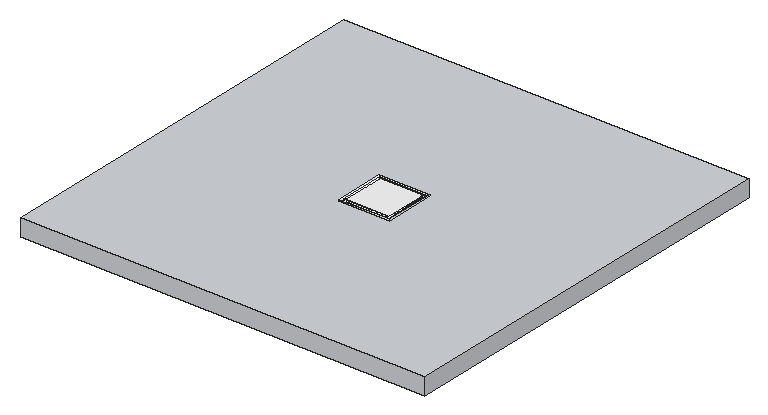
Revit family
Parameters (values of type "2"")
  WFU = 0
  URL = "WWW.MIFAB.COM"
  Pipe Radius = Pipe Diameter / 2  # 1.000"
  Pipe Diameter = 2.000"
  Model = "FS1742"
  Manufacturer = "MIFAB"  # constant formula
  Grate Width = 12.000"
  Grate Length = 12.000"
  Floor Sink Material = Coated – Acid Resistant – Porcelain Enamel - White
  Description = "12 x 12 x 10 DEEP FLOOR SINK"  # constant formula
  Default Elevation = 0.000"
  Body Height = 11.300"
Types (4): name | Pipe Radius | Pipe Diameter | Model
  (no name) | 1.000" | 2.000" | "FS1742"
  3" | 1.500" | 3.000" | "FS1743"
  4" | 2.000" | 4.000" | "FS1744"
  2" | 1.000" | 2.000" | "FS1742"
Reference planes
  plane 1 "Center (Front/Back)": y = 0
  plane 2: z = 0
  plane 3 "Center (Left/Right)": x = 0
  plane 4: z = -279.4
  plane 5: x = -113.898
  plane 6: x = -152.4
  plane 7: x = 152.4
  plane 8: z = 7.62
  plane 9: y = 152.4
  plane 10: y = -152.4
  plane 11: x = -79.369
  plane 12: x = 79.369
  plane 13: x = -135.89
  plane 14: x = 135.89
  plane 15: y = 135.89
  plane 16: y = -135.89
  plane 17: x = -25.4
  plane 18: x = 25.4
  plane 19: z = -246.38
  plane 20: z = -254
  plane 21: z = -81.28
  plane 22: z = -176.53
  plane 23: z = -236.22
Forms (mm)
  Extrusion 1, solid
    sketch origin (0, 0, 0) x (1, 0, 0) y (0, 1, 0)
      loop
        line (-1219.2, 1219.2) -> (-1219.2, -1219.2) -> (1219.2, -1219.2) -> (1219.2, 1219.2) -> (-1219.2, 1219.2)
    from 0 to -101.6
  Extrusion 2, solid, material "Coated – Acid Resistant – Porcelain Enamel - White" <- "Floor Sink Material"
    sketch origin (0, 0, 0) x (1, 0, 0) y (0, 1, 0)
      loop
        line (-146.05, 146.05) -> (-146.05, -146.05) -> (146.05, -146.05) -> (146.05, 146.05) -> (-146.05, 146.05)
    from 0 to 7.62
  Sweep 3, solid, material "Coated – Acid Resistant – Porcelain Enamel - White" <- "Floor Sink Material"
    path origin (0, 0, 0) x (1, 0, 0) y (0, 1, 0)
      loop
        line (-152.4, 152.4) -> (-152.4, -152.4) -> (152.4, -152.4) -> (152.4, 152.4) -> (-152.4, 152.4)
    profile origin (-152.4, 0, 0) x (1, 0, 0) y (0, 0, 1)
      loop
        line (0, 7.62) -> (0, 0) -> (17.78, 0)
        arc (17.78, 0) -> (26.76, -3.72) -> (30.48, -12.7) r 12.7
        line (30.48, -12.7) -> (30.48, -241.3)
        arc (30.48, -241.3) -> (33.772, -249.831) -> (41.91, -254) r 12.823
        line (41.91, -254) -> (92.715, -254) -> (92.715, -246.38) -> (43.18, -246.38)
        arc (43.18, -246.38) -> (39.588, -244.892) -> (38.1, -241.3) r 5.08
        line (38.1, -241.3) -> (38.1, -12.7)
        arc (38.1, -12.7) -> (32.148, 1.668) -> (17.78, 7.62) r 20.32
        line (17.78, 7.62) -> (0, 7.62)
  Revolve 4, solid, material "Coated – Acid Resistant – Porcelain Enamel - White" <- "Floor Sink Material"
    sketch origin (0, 0, 0) x (1, 0, 0) y (0, 0, 1)
      loop
        line (-30.48, -257.048) -> (-30.48, -279.4) -> (-25.4, -279.4) -> (-25.4, -251.46)
        arc (-25.4, -251.46) -> (-26.888, -247.868) -> (-30.48, -246.38) r 5.08
        line (-30.48, -246.38) -> (-59.685, -246.38)
        arc (-59.685, -246.38) -> (-41.317, -205.821) -> (0, -189.23) r 59.741
        line (0, -189.23) -> (0, -182.88)
        arc (0, -182.88) -> (-45.808, -201.33) -> (-66.04, -246.38) r 66.091
        line (-66.04, -246.38) -> (-99.212, -246.38) -> (-99.212, -254) -> (-33.528, -254)
        arc (-33.528, -254) -> (-31.373, -254.893) -> (-30.48, -257.048) r 3.048
      axis (0, -182.88) -> (0, -279.4)
    angle from 0 to 360
  Extrusion 5, void
    sketch origin (25.4, 0, 0) x (1, 0, 0) y (0, 1, 0)
      loop
        arc (-78.216, 1.966) -> (-80.182, 0) -> (-78.216, -1.966) r 1.966
        line (-78.216, -1.966) -> (-42.1, -1.966)
        arc (-42.1, -1.966) -> (-40.134, 0) -> (-42.1, 1.966) r 1.966
        line (-42.1, 1.966) -> (-78.216, 1.966)
    from -236.22 to -176.53
  Extrusion 6, void
    sketch origin (20.549, -14.93, 0) x (0.809017, -0.587785, 0) y (0.587785, 0.809017, 0)
      loop
        arc (-78.216, 1.966) -> (-80.182, 0) -> (-78.216, -1.966) r 1.966
        line (-78.216, -1.966) -> (-42.1, -1.966)
        arc (-42.1, -1.966) -> (-40.134, 0) -> (-42.1, 1.966) r 1.966
        line (-42.1, 1.966) -> (-78.216, 1.966)
    from -236.22 to -176.53
  Extrusion 7, void
    sketch origin (20.549, 14.93, 0) x (0.809017, 0.587785, 0) y (-0.587785, 0.809017, 0)
      loop
        arc (-78.216, 1.966) -> (-80.182, 0) -> (-78.216, -1.966) r 1.966
        line (-78.216, -1.966) -> (-42.1, -1.966)
        arc (-42.1, -1.966) -> (-40.134, 0) -> (-42.1, 1.966) r 1.966
        line (-42.1, 1.966) -> (-78.216, 1.966)
    from -236.22 to -176.53
  Extrusion 8, void
    sketch origin (7.849, 24.157, 0) x (0.309017, 0.951057, 0) y (-0.951057, 0.309017, 0)
      loop
        arc (-78.216, 1.966) -> (-80.182, 0) -> (-78.216, -1.966) r 1.966
        line (-78.216, -1.966) -> (-42.1, -1.966)
        arc (-42.1, -1.966) -> (-40.134, 0) -> (-42.1, 1.966) r 1.966
        line (-42.1, 1.966) -> (-78.216, 1.966)
    from -236.22 to -176.53
  Extrusion 9, void
    sketch origin (-7.849, 24.157, 0) x (-0.309017, 0.951057, 0) y (-0.951057, -0.309017, 0)
      loop
        arc (-78.216, 1.966) -> (-80.182, 0) -> (-78.216, -1.966) r 1.966
        line (-78.216, -1.966) -> (-42.1, -1.966)
        arc (-42.1, -1.966) -> (-40.134, 0) -> (-42.1, 1.966) r 1.966
        line (-42.1, 1.966) -> (-78.216, 1.966)
    from -236.22 to -176.53
  Extrusion 10, void
    sketch origin (-20.549, 14.93, 0) x (-0.809017, 0.587785, 0) y (-0.587785, -0.809017, 0)
      loop
        arc (-78.216, 1.966) -> (-80.182, 0) -> (-78.216, -1.966) r 1.966
        line (-78.216, -1.966) -> (-42.1, -1.966)
        arc (-42.1, -1.966) -> (-40.134, 0) -> (-42.1, 1.966) r 1.966
        line (-42.1, 1.966) -> (-78.216, 1.966)
    from -236.22 to -176.53
  Extrusion 11, void
    sketch origin (-25.4, 0, 0) x (-1, 0, 0) y (0, -1, 0)
      loop
        arc (-78.216, 1.966) -> (-80.182, 0) -> (-78.216, -1.966) r 1.966
        line (-78.216, -1.966) -> (-42.1, -1.966)
        arc (-42.1, -1.966) -> (-40.134, 0) -> (-42.1, 1.966) r 1.966
        line (-42.1, 1.966) -> (-78.216, 1.966)
    from -236.22 to -176.53
  Extrusion 12, void
    sketch origin (-20.549, -14.93, 0) x (-0.809017, -0.587785, 0) y (0.587785, -0.809017, 0)
      loop
        arc (-78.216, 1.966) -> (-80.182, 0) -> (-78.216, -1.966) r 1.966
        line (-78.216, -1.966) -> (-42.1, -1.966)
        arc (-42.1, -1.966) -> (-40.134, 0) -> (-42.1, 1.966) r 1.966
        line (-42.1, 1.966) -> (-78.216, 1.966)
    from -236.22 to -176.53
  Extrusion 13, void
    sketch origin (-7.849, -24.157, 0) x (-0.309017, -0.951057, 0) y (0.951057, -0.309017, 0)
      loop
        arc (-78.216, 1.966) -> (-80.182, 0) -> (-78.216, -1.966) r 1.966
        line (-78.216, -1.966) -> (-42.1, -1.966)
        arc (-42.1, -1.966) -> (-40.134, 0) -> (-42.1, 1.966) r 1.966
        line (-42.1, 1.966) -> (-78.216, 1.966)
    from -236.22 to -176.53
  Extrusion 14, void
    sketch origin (7.849, -24.157, 0) x (0.309017, -0.951057, 0) y (0.951057, 0.309017, 0)
      loop
        arc (-78.216, 1.966) -> (-80.182, 0) -> (-78.216, -1.966) r 1.966
        line (-78.216, -1.966) -> (-42.1, -1.966)
        arc (-42.1, -1.966) -> (-40.134, 0) -> (-42.1, 1.966) r 1.966
        line (-42.1, 1.966) -> (-78.216, 1.966)
    from -236.22 to -176.53
  Extrusion 15, void
    sketch origin (0, 0, 0) x (1, 0, 0) y (0, 1, 0)
      loop
        circle (0, 0) r 7.616
    from -236.22 to -176.53
Cuts and joins
  Extrusion 6, Extrusion 7, Extrusion 8, Extrusion 9, Extrusion 10, Extrusion 11, Extrusion 12, Extrusion 13, Extrusion 14 cuts Sweep 3
  Extrusion 5, Extrusion 6, Extrusion 7, Extrusion 8, Extrusion 9, Extrusion 10, Extrusion 11, Extrusion 12, Extrusion 13, Extrusion 14, Extrusion 15 cuts Revolve 4
  joined: Sweep 3, Revolve 4
Lines and regions (mm)
  symbolic lines
    curve 1: line (-152.4, 152.4, 0) -> (152.4, 152.4, 0)
    curve 2: line (-152.4, -152.4, 0) -> (-152.4, 152.4, 0)
    curve 3: line (152.4, -152.4, 0) -> (-152.4, -152.4, 0)
    curve 4: line (152.4, 152.4, 0) -> (152.4, -152.4, 0)
    curve 5: circle (0, 0, 0) r 66.04 normal (0, 0, 1)
Dimensions and locks
  equal spacing: plane 9, plane 1 "Center (Front/Back)", plane 10
  equal spacing: plane 6, plane 3 "Center (Left/Right)", plane 7
  "Grate Length": plane 9 to plane 10
  "Grate Width": plane 6 to plane 7
  "Body Height": plane 8 to plane 4
  locked: plane 9 to plane 15 at 16.51
  locked: plane 10 to plane 16 at 16.51
  locked: plane 6 to plane 13 at 16.51
  locked: plane 14 to plane 7 at 16.51
  equal spacing: plane 18, plane 3 "Center (Left/Right)", plane 17
  "Pipe Diameter": plane 18 to plane 17
  locked: Revolve 4 sketch curve to plane 11 at 19.684
  locked: Revolve 4 sketch curve to plane 11 at 13.329
  locked: plane 17 to Revolve 4 sketch curve at 5.08
  locked: plane 8 to plane 2 at 7.62
  locked: Revolve 4 sketch curve to plane 19 at 63.5
  locked: Revolve 4 sketch curve to plane 19 at 57.15
  locked: plane 19 to plane 20 at 7.62
  locked: plane 8 to plane 19 at 254
  locked: plane 8 to plane 21 at 88.9
  plane 22 to plane 23 to plane 19 = 2.350" locked, 0.400" locked
  aligned and locked: plane 2 to Extrusion 1
  aligned and locked: level to Extrusion 1
  aligned and locked: plane 8 to Extrusion 2
  aligned and locked: Sweep 3 sketch curve to plane 6  (x2)
  aligned and locked: Sweep 3 sketch curve to plane 9
  aligned and locked: plane 7 to Sweep 3 sketch curve
  aligned and locked: plane 10 to Sweep 3 sketch curve
  aligned and locked: Revolve 4 sketch curve to plane 4
  aligned and locked: Revolve 4 sketch curve to plane 3 "Center (Left/Right)"  (x2)
  aligned and locked: plane 17 to Revolve 4 sketch curve
  aligned and locked: plane 1 "Center (Front/Back)" to Extrusion 15 sketch curve
  aligned and locked: plane 3 "Center (Left/Right)" to Extrusion 15 sketch curve
  aligned and locked: plane 19 to Revolve 4 sketch curve  (x2)
  aligned and locked: Sweep 3 sketch curve to plane 8
  aligned and locked: Sweep 3 sketch curve to plane 19
  aligned and locked: Sweep 3 sketch curve to plane 20
  aligned and locked: plane 20 to Revolve 4 sketch curve
  aligned and locked: plane 22 to Extrusion 5
  aligned and locked: Extrusion 5 to Extrusion 7
  aligned and locked: Extrusion 15 to plane 23
Automatic sketch dimensions
  Extrusion 1 sketch curve to Extrusion 1 sketch curve = 96.000"  (x2)
  plane 6 to Extrusion 2 sketch curve = 0.250"
  plane 7 to Extrusion 2 sketch curve = 0.250"
  Extrusion 2 sketch curve to plane 10 = 0.250"
  Extrusion 2 sketch curve to plane 9 = 0.250"
  Revolve 4 sketch curve to Revolve 4 sketch curve = 0.120"
  Revolve 4 sketch curve to plane 4 = 17.050"
  plane 8 to Revolve 4 sketch curve = 102.46882"
  Extrusion 5 sketch curve to Extrusion 5 sketch curve = 1.42187"
  Extrusion 5 sketch curve to Extrusion 5 sketch curve = 0.0774"
  Extrusion 6 sketch curve to Extrusion 6 sketch curve = 1.42187"
  Extrusion 6 sketch curve to Extrusion 6 sketch curve = 0.0774"
  Extrusion 7 sketch curve to Extrusion 7 sketch curve = 1.42188"
  Extrusion 7 sketch curve to Extrusion 7 sketch curve = 0.0774"
  Extrusion 8 sketch curve to Extrusion 8 sketch curve = 1.42187"
  Extrusion 8 sketch curve to Extrusion 8 sketch curve = 0.0774"
  Extrusion 9 sketch curve to Extrusion 9 sketch curve = 1.42187"
  Extrusion 9 sketch curve to Extrusion 9 sketch curve = 0.0774"
  Extrusion 10 sketch curve to Extrusion 10 sketch curve = 1.42187"
  Extrusion 10 sketch curve to Extrusion 10 sketch curve = 0.0774"
  Extrusion 11 sketch curve to Extrusion 11 sketch curve = 1.42187"
  Extrusion 11 sketch curve to Extrusion 11 sketch curve = 0.0774"
  Extrusion 12 sketch curve to Extrusion 12 sketch curve = 1.42187"
  Extrusion 12 sketch curve to Extrusion 12 sketch curve = 0.0774"
  Extrusion 13 sketch curve to Extrusion 13 sketch curve = 1.42187"
  Extrusion 13 sketch curve to Extrusion 13 sketch curve = 0.0774"
  Extrusion 14 sketch curve to Extrusion 14 sketch curve = 1.42187"
  Extrusion 14 sketch curve to Extrusion 14 sketch curve = 0.0774"
  Sweep 3 sketch curve to Sweep 3 sketch curve = 0.000"  (x3)
  Sweep 3 sketch curve to Sweep 3 sketch curve = 0.700"
  Sweep 3 sketch curve to profile plane = 1.200"
  Sweep 3 sketch curve to Sweep 3 sketch curve = 0.300"
  Sweep 3 sketch curve to Sweep 3 sketch curve = 0.150"
  Sweep 3 sketch curve to Sweep 3 sketch curve = 0.200"
  Sweep 3 sketch curve to Sweep 3 sketch curve = 0.00486"
  Sweep 3 sketch curve to Sweep 3 sketch curve = 1.95021"
  plane 20 to Revolve 4 sketch curve = 0.120"
  Revolve 4 sketch curve to plane 11 = 0.78125"
  curve 3 to plane 6 = 0.000"
  plane 1 "Center (Front/Back)" to curve 5 = 0.000"
  curve 5 to plane 3 "Center (Left/Right)" = 0.000"
  curve 4 to plane 7 = 0.000"
  plane 10 to curve 4 = 0.000"
  curve 4 to plane 9 = 0.000"
  radius of Extrusion 15 sketch curve = 0.29982"
  radius of curve 5 = 2.600"
Connectors
  piping at (0, 0, -279.4), driven by "Pipe Radius", driven by "WFU"
    settings: on Revolve 4, index 1, connector radius 1", flow factor 0, pipe flow 0 GPM, pressure drop 0.00 psi, fitting loss kfactor 0, connector angle 0.00°, fixture units 0, flow configuration 3, flow direction 2, fitting loss method 0, system type 16, connector reference index -1, connector utility 0, adjustable connector no, is connector primary yes, fitting loss table "", connector description "Sanitary Out"
